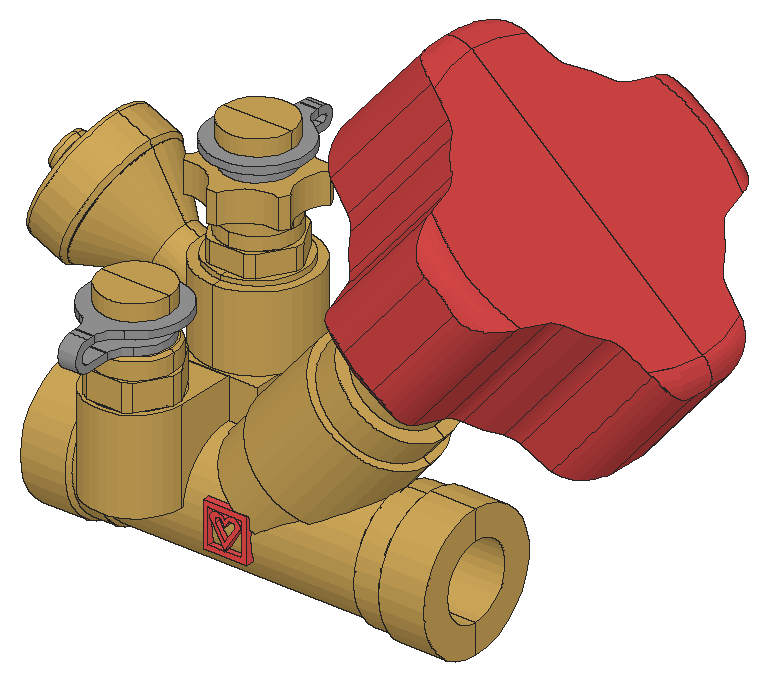
Revit family "HERZ Strömax Балансировочный клапан с измерительной диафрагмой 4017 ML", category Rohrzubehör, Revit 2021
Family settings
  Bemaßung runder Anschluss = Durchmesser verwenden
  Teiletyp = Unterbricht
  OmniClass-Nummer = 23.65.55.14
  OmniClass-Titel = Valves for Liquid Services
  Arbeitsebenenbasiert = Nein
  Immer vertikal = Ja
  Beim Laden mit Abzugskörper schneiden = Nein
  Gemeinsam genutzt = Nein
Parameters
  Среда = "Качество теплоносителя должно соответствовать требованиям ONORM H 5195, VDI 2035.\r\nДопускается использование смеси этилен- пропиленгликоля в процентном соотношении 25-50% с водой."
  Область применения = "Балансировочные клапаны применяются для гидравлической балансировки систем отопления и охлаждения, регулировки магистральных трубопроводов, стояков, теплообменников, регистров отопления и охлаждения."
  Номер заказа [instance] = size_lookup("4017_ML_", "Artnr", 0, Nennweite)  # 1401731
  Макс. рабочее давление = 2000000.0 Pa  # constant formula
  Макс. рабочая температура = 130 °C  # constant formula
  Макс. перепад давления на закрытом седле = 1000000.0 Pa  # constant formula
  Корпус = "латунь, устойчивая к селективной цинковой коррозии"  # constant formula
  Исполнение = "Балансировочный клапан ГЕРЦ 4017ML с измерительной диафрагмой и возможностью подключения импульсной трубки и двумя измерительными клапанами для измерений перепадов давления наклонный неподнимающийся шпиндель, муфта х муфта, без покрытия, фиксированная воспроизводимая предварительная настройка, показания преднастройки считываются в окошке маховика, с обеих сторон резьбовые муфты, уплотнение шпинделя при помощи тройных уплотнительных колец O-Ring."
  kvs-значения [instance] = if(Nennweite = 15.000 mm, 2, if(Nennweite = 20.000 mm, 3.6, if(Nennweite = 25.000 mm, 6.5, if(Nennweite = 32.000 mm, 13.3, if(Nennweite = 40.000 mm, 18.5, if(Nennweite = 50.000 mm, 33, 0))))))  # 2
  kv-диафрагмы [instance] = if(Nennweite = 15.000 mm, 1.95, if(Nennweite = 20.000 mm, 3.95, if(Nennweite = 25.000 mm, 7.9, if(Nennweite = 32.000 mm, 15.75, if(Nennweite = 40.000 mm, 21.5, if(Nennweite = 50.000 mm, 46.7, 0))))))  # 1.95
  W01 = 50.00°  # constant formula
  Vorgabe-Ansicht = 0.000 mm
  URL = "www.herz-armaturen.ru"
  SW01 = 60.00°  # constant formula
  SCRNSEQ = "ARM;ARM_TYP=\"STRV\";2"
  SCRNCODE = "05;07;02"  # constant formula
  S03 = 60.000 mm  # constant formula
  S02 [instance] = L04 + L06 + L07  # 76.800 mm
  S01 [instance] = D01 * 2  # 27.000 mm
  R03 = 21.500 mm  # constant formula
  R02 = 9.500 mm  # constant formula
  R01 = 12.000 mm  # constant formula
  L10 [instance] = size_lookup("4017_ML_", "L10", 1.000 mm, Nennweite)  # 28.500 mm
  L09 [instance] = size_lookup("4017_ML_", "L9", 1.000 mm, Nennweite)  # 22.500 mm
  L08 [instance] = size_lookup("4017_ML_", "L8", 1.000 mm, Nennweite)  # 12.700 mm
  L07 [instance] = size_lookup("4017_ML_", "L7", 1.000 mm, Nennweite)  # 35.100 mm
  L06 [instance] = size_lookup("4017_ML_", "L6", 1.000 mm, Nennweite)  # 6.500 mm
  L05 [instance] = size_lookup("4017_ML_", "L5", 1.000 mm, Nennweite)  # 20.200 mm
  L04 [instance] = size_lookup("4017_ML_", "L4", 1.000 mm, Nennweite)  # 35.200 mm
  L03 [instance] = size_lookup("4017_ML_", "L3", 1.000 mm, Nennweite)  # 1.000 mm
  H03 [instance] = H01 - 19.000 mm  # 1.000 mm
  H02 = 13.000 mm  # constant formula
  E01 [instance] = L00 / -2  # -41.500 mm
  E00 = 0.000 mm  # constant formula
  D09 [instance] = size_lookup("4017_ML_", "D9", 1.000 mm, Nennweite)  # 11.750 mm
  D08 [instance] = size_lookup("4017_ML_", "D8", 1.000 mm, Nennweite)  # 9.500 mm
  D07 [instance] = size_lookup("4017_ML_", "D7", 1.000 mm, Nennweite)  # 12.000 mm
  D06 [instance] = size_lookup("4017_ML_", "D6", 1.000 mm, Nennweite)  # 13.500 mm
  D05 [instance] = size_lookup("4017_ML_", "D5", 1.000 mm, Nennweite)  # 12.500 mm
  D04 [instance] = Nennweite / 2  # 7.500 mm
  IG [instance] = Nennweite / 2  # 7.500 mm
  D03 [instance] = size_lookup("4017_ML_", "D3", 1.000 mm, Nennweite)  # 11.900 mm
  D02 [instance] = size_lookup("4017_ML_", "D2", 1.000 mm, Nennweite)  # 12.700 mm
  D01 [instance] = size_lookup("4017_ML_", "D1", 1.000 mm, Nennweite)  # 13.500 mm
  Nennweite [instance] = 15.000 mm
  L02 [instance] = size_lookup("4017_ML_", "L2", 1.000 mm, Nennweite)  # 5.000 mm
  L01 [instance] = size_lookup("4017_ML_", "L1", 1.000 mm, Nennweite)  # 9.250 mm
  L00 [instance] = size_lookup("4017_ML_", "L", 1.000 mm, Nennweite)  # 83.000 mm
  Hersteller = "HERZ Armaturen Ges.m.b.H."  # constant formula
  H01 [instance] = size_lookup("4017_ML_", "H1", 1.000 mm, Nennweite)  # 20.000 mm
  GT [instance] = size_lookup("4017_ML_", "GT", 1.000 mm, Nennweite)  # 13.200 mm
  DN50 [instance] = Nennweite = 50.000 mm  # no
  DN40 [instance] = Nennweite = 40.000 mm  # no
  DN32 [instance] = Nennweite = 32.000 mm  # no
  DN25 [instance] = Nennweite = 25.000 mm  # no
  DN20 [instance] = Nennweite = 20.000 mm  # no
  DN15 [instance] = Nennweite = 15.000 mm  # yes
Reference planes
  plane 1 "Mitte (Vorne/hinten)": y = 0
  plane 2: z = 0
  plane 3 "Mitte (Links/rechts)": x = 0
Forms (mm)
  Revolve 1, solid, material "Messing, weicher Gelbton, geschweißt", detail levels fine
    sketch origin (470, 0, 0) x (1, 0, 0) y (0, 0, 1)
      loop
        line (-511.5, 7.5) -> (-498.3, 7.5) -> (-498.3, 0) -> (-441.7, 0) -> (-441.7, 7.5) -> (-428.5, 7.5) -> (-428.5, 13.5) -> (-437.75, 13.5) -> (-438.421, 12.7) -> (-443.421, 12.7) -> (-444.093, 11.9) -> (-495.907, 11.9) -> (-496.579, 12.7) -> (-501.579, 12.7) -> (-502.25, 13.5) -> (-511.5, 13.5) -> (-511.5, 7.5)
      axis (-511.5, 0) -> (-428.5, 0)
    angle from 0 to 360
  Revolve 2, solid, material "Messing, weicher Gelbton, geschweißt", detail levels fine
    sketch origin (0.32, 0, -0.105) x (1, 0, 0) y (0, 0, 1)
      loop
        line (-1.32, 0.105) -> (48.046, 58.937) -> (39.045, 66.49) -> (30.882, 56.761) -> (32.605, 55.315) -> (18.207, 38.155) -> (16.292, 39.762) -> (12.114, 34.783) -> (10.964, 35.747) -> (-2.02, 20.273) -> (-1.254, 19.63) -> (-7.652, 12.005) -> (-7.065, 4.926) -> (-1.32, 0.105)
      axis (-1.32, 0.105) -> (48.046, 58.937)
    angle from 0 to 360
  Extrusion 3, solid, material "Messing, weicher Gelbton, geschweißt", detail levels fine
    sketch origin (0, 0, 0) x (1, 0, 0) y (0, 1, 0)
      loop
        arc (-28.5, -12) -> (-19, -21.5) -> (-9.5, -12) r 9.5
        line (-9.5, -12) -> (-9.5, 0) -> (-28.5, 0) -> (-28.5, -12)
    from 1 <- "H03" to 20 <- "H01"
  Extrusion 4, solid, material "Messing, weicher Gelbton, geschweißt", detail levels fine
    sketch origin (0, 0, 0) x (1, 0, 0) y (0, 1, 0)
      loop
        line (-22.5, 12) -> (-22.5, 0) -> (-3.5, 0) -> (-3.5, 12)
        arc (-3.5, 12) -> (-13, 21.5) -> (-22.5, 12) r 9.5
    from 0 to 20 <- "H01"
  Extrusion 5, void
    sketch origin (0, 0, 0) x (1, 0, 0) y (0, 0, 1)
      loop
        line (55, 0) -> (80, 0) -> (80, 73) -> (55, 73) -> (55, 0)
    from 55 to -55
Cuts and joins
  Extrusion 5 cuts Revolve 2
Lines and regions (mm)
  model lines, detail levels coarse+medium
    curve 1: line (-41.5, 0, 13.5) -> (-41.5, 0, -13.5)
    curve 2: line (-41.5, 0, -13.5) -> (41.5, 0, 13.5)
    curve 3: line (41.5, 0, 13.5) -> (41.5, 0, -13.5)
    curve 4: line (41.5, 0, -13.5) -> (-41.5, 0, 13.5)
    curve 5: line (0, 0, 0) -> (38.4, 0, 66.511)
    curve 6: line (12.419, 0, 81.511) -> (64.381, 0, 51.511)
    curve 7: line (-41.5, -13.5, 0) -> (-41.5, 13.5, 0)
    curve 8: line (-41.5, 13.5, 0) -> (41.5, -13.5, 0)
    curve 9: line (41.5, -13.5, 0) -> (41.5, 13.5, 0)
    curve 10: line (41.5, 13.5, 0) -> (-41.5, -13.5, 0)
    curve 11: line (0, 0, 0) -> (38.4, 66.511, 0)
    curve 12: line (12.419, 81.511, 0) -> (64.381, 51.511, 0)
Dimensions and locks
  "L00": Revolve 1 sketch curve to Revolve 1 sketch curve
  equal spacing: Revolve 1 sketch curve, plane 3 "Mitte (Links/rechts)", Revolve 1 sketch curve
  "D01": Revolve 1 sketch curve to Revolve 1 sketch curve  (x2)
  "GT": Revolve 1 sketch curve to Revolve 1 sketch curve  (x2)
  "D06": Revolve 2 sketch curve to Revolve 2 sketch curve
  "D07": Revolve 2 sketch curve to Revolve 2 sketch curve
  "D08": Revolve 2 sketch curve to Revolve 2 sketch curve
  "D09": Revolve 2 sketch curve to Revolve 2 sketch curve
  equal spacing: curve 1, plane 3 "Mitte (Links/rechts)", curve 3
  "L00": curve 1 to curve 3
  equal spacing: curve 4, plane 2, curve 2
  "S01": curve 4 to curve 1
  "S01": curve 3 to curve 4
  equal spacing: curve 3, plane 2, curve 4
  "S02": curve 5 to curve 5
  equal spacing: curve 6, curve 5, curve 6
  "S03": curve 6 to curve 6
  equal spacing: curve 7, plane 3 "Mitte (Links/rechts)", curve 9
  "L00": curve 7 to curve 9
  equal spacing: curve 10, plane 1 "Mitte (Vorne/hinten)", curve 8
  "S01": curve 8 to curve 10
  equal spacing: curve 9, plane 1 "Mitte (Vorne/hinten)", curve 10
  "S01": curve 10 to curve 9
  "S02": curve 11 to curve 11
  equal spacing: curve 12, curve 11, curve 12
  "S03": curve 12 to curve 12
  "L01": Revolve 1 sketch curve to Revolve 1 sketch curve  (x2)
  "D02": Revolve 1 sketch curve to plane 2  (x2)
  "D03": Revolve 1 sketch curve to plane 2
  "IG": Revolve 1 sketch curve to plane 2  (x2)
  "L02": Revolve 1 sketch curve to Revolve 1 sketch curve  (x2)
  "L04": Revolve 2 sketch curve to Revolve 2 sketch curve
  "L05": Revolve 2 sketch curve to Revolve 2 sketch curve
  "D03": Revolve 2 sketch curve to plane 2
  "L06": Revolve 2 sketch curve to Revolve 2 sketch curve
  "L08": Revolve 2 sketch curve to Revolve 2 sketch curve
  "L07": Revolve 2 sketch curve to Revolve 2 sketch curve
  "D04": Revolve 2 sketch curve to Revolve 2 sketch curve
  "D05": Revolve 2 sketch curve to Revolve 2 sketch curve
  "L03": plane 3 "Mitte (Links/rechts)" to Revolve 2 sketch curve  (x2)
  "D03": nested 1 to plane 1 "Mitte (Vorne/hinten)"
  "L09": Revolve 1 to Extrusion 3 sketch curve
  "R01": Extrusion 3 sketch curve to plane 1 "Mitte (Vorne/hinten)"
  "R01": plane 1 "Mitte (Vorne/hinten)" to Extrusion 4 sketch curve
  "L10": Revolve 1 to Extrusion 4 sketch curve
  "H01": nested 2 to plane 2
  "R01": nested 2 to plane 1 "Mitte (Vorne/hinten)"
  "L09": Revolve 1 to nested 2
  Extrusion 5 sketch curve to plane 3 "Mitte (Links/rechts)" = 55.000 mm
  Extrusion 5 sketch curve to Extrusion 5 sketch curve = 25.000 mm
  Extrusion 5 sketch curve to plane 2 = 73.000 mm
  "L10": Revolve 1 to nested 9
  "R01": plane 1 "Mitte (Vorne/hinten)" to nested 9
  "H01": nested 9 to plane 2
  "R02": radius of Extrusion 3 sketch curve
  "R02": radius of Extrusion 4 sketch curve
  "W01": angle level to Revolve 2 sketch curve
  "SW01": angle plane 2 to curve 5
  "SW01": angle plane 1 "Mitte (Vorne/hinten)" to curve 11
  "W01": angle Revolve 1 sketch curve to Revolve 1 sketch curve  (x4)
  "W01": angle plane 2 to Revolve 2 sketch curve
  aligned and locked: level to plane 2
Automatic sketch dimensions
  Extrusion 5 sketch curve to level = 0.000 mm
  curve 5 to level = 0.000 mm
  plane 1 "Mitte (Vorne/hinten)" to curve 11 = 0.000 mm
  Revolve 1 sketch curve to level = 0.000 mm  (x2)
  Revolve 1 sketch curve to Revolve 1 sketch curve = 791.990 mm
  Revolve 1 sketch curve to Revolve 1 sketch curve = 2278.983 mm
  Revolve 2 sketch curve to level = 0.000 mm  (x2)
  plane 1 "Mitte (Vorne/hinten)" to Extrusion 3 sketch curve = 0.000 mm
  plane 1 "Mitte (Vorne/hinten)" to Extrusion 4 sketch curve = 0.000 mm
Nested families
  nested 1: "Herz-Logo-vorne" at (0, -11.9, 0) x (0, 1, 0) z (0, 0, 1), type "Herz-Logo-vorne", detail levels fine
  nested 2: "Messstutzen_Band_Eintritt_senkrecht_(oben)" at (-19, -12, 2.5) x (-1, 0, 0) z (0, 0, 1), type "Messstutzen_Band_Eintritt_senkrecht_(oben)", detail levels fine
    with Schutzkappe yes, Nennweite 0.000 mm, Gewicht 0.00 kg, Bestellnummer 0
  nested 3: "Strangregulierventil-Handrad (Rot) DN15-DN32" at (48.366, 0, 58.832), visible <- "DN15", type "Strangregulierventil-Handrad (Rot) DN15-DN32"
    with Nennweite 0.000 mm, Gewicht 0.00 kg, Bestellnummer 0
  nested 4: "Strangregulierventil-Handrad (Rot) DN15-DN32" at (50.13, 0, 62.126), visible <- "DN20", type "Strangregulierventil-Handrad (Rot) DN15-DN32"
    with Nennweite 0.000 mm, Gewicht 0.00 kg, Bestellnummer 0
  nested 5: "Strangregulierventil-Handrad (Rot) DN15-DN32" at (55.886, 0, 73.157), visible <- "DN25", type "Strangregulierventil-Handrad (Rot) DN15-DN32"
    with Nennweite 0.000 mm, Gewicht 0.00 kg, Bestellnummer 0
  nested 6: "Strangregulierventil-Handrad (Rot) DN15-DN32" at (60.493, 0, 82.58), visible <- "DN32", type "Strangregulierventil-Handrad (Rot) DN15-DN32"
    with Nennweite 0.000 mm, Gewicht 0.00 kg, Bestellnummer 0
  nested 7: "Strangregulierventil-Handrad (Rot) DN40-DN50" at (68.72, 0, 95.602), visible <- "DN40", type "Strangregulierventil-Handrad (Rot) DN40-DN50"
    with Nennweite 0.000 mm, Gewicht 0.00 kg, Bestellnummer 0
  nested 8: "Strangregulierventil-Handrad (Rot) DN40-DN50" at (66.762, 0, 99.586), visible <- "DN50", type "Strangregulierventil-Handrad (Rot) DN40-DN50"
    with Nennweite 0.000 mm, Gewicht 0.00 kg, Bestellnummer 0
  nested 9: "Messstutzen_Band-KFE_Austritt_senkrecht_(oben)" at (-13, 12, 24.41), type "Messstutzen_Band-KFE_Austritt_senkrecht_(oben)", detail levels fine
    with Schutzkappe yes, Nennweite 0.000 mm, Gewicht 0.00 kg, Bestellnummer 0
Connectors
  piping at (-28.3, 0, 0), diameter 15, driven by "Nennweite"
    settings: on Revolve 1, index 1, connector inside diameter 609.6 mm, connector length 0.000 mm, flow factor 0, pipe flow 0.0 L/s, pressure drop 0.0 Pa, fitting loss kfactor 0, connector angle 0.00°, fixture units 0, engagement length 0.000 mm, angle of deflection 0.00°, flow configuration 0, flow direction 1, fitting loss method 0, system type 29, joint type 0, gender type 0, connector reference index -1, connector utility 0, adjustable connector no, is connector primary yes, connector description ""
  piping at (28.3, 0, 0), diameter 15, driven by "Nennweite"
    settings: on Revolve 1, index 2, connector inside diameter 609.6 mm, connector length 0.000 mm, flow factor 0, pipe flow 0.0 L/s, pressure drop 0.0 Pa, fitting loss kfactor 0, connector angle 0.00°, fixture units 0, engagement length 0.000 mm, angle of deflection 0.00°, flow configuration 0, flow direction 2, fitting loss method 0, system type 29, joint type 0, gender type 0, connector reference index -1, connector utility 0, adjustable connector no, is connector primary no, connector description ""
Definition of nested family "Herz-Logo-vorne"
  Parameters (values of type "Herz-Logo-vorne")
    Default Elevation = 0.000 mm
  Reference planes
    plane 1 "Mitte (Vorne/hinten)": y = 0
    plane 2: z = 0
    plane 3 "Mitte (Links/rechts)": x = 0
  Forms (mm)
    Extrusion 1, solid
      sketch origin (0.732, -0.018, 0.017) x (0, -1, 0) y (0, 0, 1)
        loop
          line (-0.018, -4.517) -> (4.482, -4.517) -> (4.482, 4.483) -> (-4.518, 4.483) -> (-4.518, -4.517) -> (-0.018, -4.517)
        loop
          line (-0.05, -3.48) -> (3.482, -3.48) -> (3.482, 3.483) -> (-3.518, 3.483) -> (-3.518, -3.48) -> (-0.05, -3.48)
        loop
          arc (-0.018, 2.383) -> (-1.543, 3.287) -> (-3.067, 2.383) r 1.738
          arc (-3.067, 2.383) -> (-3.191, 1.899) -> (-3.067, 1.415) r 1.009
          line (-3.067, 1.415) -> (-0.018, -3.281) -> (3.032, 1.415)
          arc (3.032, 1.415) -> (3.156, 1.899) -> (3.032, 2.383) r 1.009
          arc (3.032, 2.383) -> (1.507, 3.287) -> (-0.018, 2.383) r 1.738
        loop
          arc (1.885, 1.272) -> (2.005, 1.675) -> (1.885, 2.079) r 0.74
          arc (1.885, 2.079) -> (1.265, 2.416) -> (0.644, 2.079) r 0.74
          line (0.644, 2.079) -> (-0.018, 0.97) -> (-0.679, 2.079)
          arc (-0.679, 2.079) -> (-1.3, 2.416) -> (-1.921, 2.079) r 0.74
          arc (-1.921, 2.079) -> (-2.04, 1.675) -> (-1.921, 1.272) r 0.74
          line (-1.921, 1.272) -> (-0.018, -1.658) -> (1.885, 1.272)
      from 0 to 1.5
  Dimensions and locks
    aligned and locked: level to plane 2
Definition of nested family "Messstutzen_Band_Eintritt_senkrecht_(oben)"
  Parameters (values of type "Messstutzen_Band_Eintritt_senkrecht_(oben)")
    Default Elevation = 0.000 mm
    URL = "www.herz-armaturen.at"
    Schutzkappe [instance] = yes
    Nennweite [instance] = 0.000 mm
    Manufacturer = "Herz Armaturen GmbH"  # constant formula
    Gewicht [instance] = 0.00 kg
    Bestellnummer [instance] = 0
  Reference planes
    plane 1 "Mitte (Vorne/hinten)": y = 0
    plane 2: z = 0
    plane 3 "Mitte (Links/rechts)": x = 0
    plane 4 "Schlaufe 1": z = -27
    plane 5 "Schlaufe 2": z = -31.678
  Forms (mm)
    Revolve 1, solid, detail levels fine
      sketch origin (0, 0, 0) x (1, 0, 0) y (0, 0, 1)
        loop
          line (-7.4, 9) -> (-5.55, 9) -> (-5.55, 6)
          arc (-5.55, 6) -> (-5.626, 5.617) -> (-5.843, 5.293) r 1
          line (-5.843, 5.293) -> (-6.455, 4.681) -> (-6.455, 0.9) -> (-5.555, 0) -> (-2, 0) -> (-2, 17.5) -> (-8.4, 17.5)
          arc (-8.4, 17.5) -> (-7.693, 17.207) -> (-7.4, 16.5) r 1
          line (-7.4, 16.5) -> (-7.4, 9)
        loop
          line (-3.7, 27) -> (-7.3, 27) -> (-7.9, 26.4) -> (-7.9, 23) -> (-2, 23) -> (-2, 35.8) -> (-3.805, 35.8) -> (-4.415, 35.19) -> (-4.415, 30.863) -> (-3.7, 30.45) -> (-3.7, 27)
        axis (0, 0) -> (0, 35.8)
      angle from 0 to 360
    Extrusion 2, solid, detail levels fine
      sketch origin (0, 0, 17.5) x (0, 1, 0) y (-1, 0, 0)
        loop
          arc (-7.07, 5.156) -> (-7.578, 4.375) -> (-8, 3.544) r 8.75
          line (-8, 3.544) -> (-8, -3.544)
          arc (-8, -3.544) -> (-7.578, -4.375) -> (-7.07, -5.156) r 8.75
          line (-7.07, -5.156) -> (-0.93, -8.7)
          arc (-0.93, -8.7) -> (0, -8.75) -> (0.93, -8.7) r 8.75
          line (0.93, -8.7) -> (7.07, -5.156)
          arc (7.07, -5.156) -> (7.578, -4.375) -> (8, -3.544) r 8.75
          line (8, -3.544) -> (8, 3.544)
          arc (8, 3.544) -> (7.578, 4.375) -> (7.07, 5.156) r 8.75
          line (7.07, 5.156) -> (0.93, 8.7)
          arc (0.93, 8.7) -> (0, 8.75) -> (-0.93, 8.7) r 8.75
          line (-0.93, 8.7) -> (-7.07, 5.156)
      from 0 to 5.5
    Revolve 3, solid, visible <- "Schutzkappe", detail levels fine
      sketch origin (0, 0, 0) x (1, 0, 0) y (0, 0, 1)
        loop
          line (0, 35.878) -> (0, 36.678) -> (-7, 36.678) -> (-7, 33.378) -> (-6.1, 33.378) -> (-6.1, 31.678) -> (-6.9, 31.678) -> (-6.9, 30.178) -> (-4.415, 30.178) -> (-4.415, 35.268) -> (-3.805, 35.878) -> (0, 35.878)
        axis (0, 30.178) -> (0, 36.678)
      angle from 0 to 360
    Extrusion 4, solid, detail levels fine
      sketch origin (0, 0, 28.5) x (1, 0, 0) y (0, 1, 0)
        loop
          circle (0, 0) r 3.7
        loop
          arc (-3.906, 5.505) -> (0, -6.75) -> (3.906, 5.505) r 6.75
          arc (3.906, 5.505) -> (2.358, 7.288) -> (1.8, 9.582) r 5
          line (1.8, 9.582) -> (-1.8, 9.582)
          arc (-1.8, 9.582) -> (-2.358, 7.288) -> (-3.906, 5.505) r 5
      from 0 to -1.5
    Extrusion 5, solid, detail levels fine
      sketch origin (0, 0, 33.178) x (1, 0, 0) y (0, 1, 0)
        loop
          circle (0, 0) r 6.1
        loop
          arc (-4.495, 8.652) -> (0, -9.75) -> (4.495, 8.652) r 9.75
          arc (4.495, 8.652) -> (2.527, 10.493) -> (1.8, 13.089) r 5
          line (1.8, 13.089) -> (-1.8, 13.089)
          arc (-1.8, 13.089) -> (-2.527, 10.493) -> (-4.495, 8.652) r 5
      from 0 to -1.5
    Sweep 6, solid, detail levels fine
      path origin (0, 0, 0) x (0, 0, -1) y (0, -1, 0)
        loop
          line (-27.75, -9.582) -> (-27.75, -14.522)
          arc (-27.75, -14.522) -> (-30.089, -16.862) -> (-32.428, -14.522) r 2.339
          line (-32.428, -14.522) -> (-32.428, -13.089)
      profile origin (0, 12.052, 27.75) x (0, 0, 1) y (1, 0, 0)
        loop
          line (-0.75, -1.8) -> (0.75, -1.8) -> (0.75, 1.8) -> (-0.75, 1.8) -> (-0.75, -1.8)
  Dimensions and locks
    aligned and locked: level to plane 2
Definition of nested family "Strangregulierventil-Handrad (Rot) DN15-DN32"
  Parameters (values of type "Strangregulierventil-Handrad (Rot) DN15-DN32")
    Default Elevation = 0.000 mm
    URL = "www.herz-armaturen.at"
    Nennweite [instance] = 0.000 mm
    Manufacturer = "Herz Armaturen GmbH"  # constant formula
    Gewicht [instance] = 0.00 kg
    Bestellnummer [instance] = 0
  Reference planes
    plane 1 "Mitte (Vorne/hinten)": y = 0
    plane 2: z = 0
    plane 3 "Mitte (Links/rechts)": x = 0
  Forms (mm)
    Revolve 1, solid, detail levels fine
      sketch origin (0, 0, 0) x (0.766044, 0, -0.642788) y (0.642788, 0, 0.766044)
        loop
          line (0, 0) -> (0, 24.95) -> (-30.992, 24.95)
          arc (-30.992, 24.95) -> (-34.37, 23.636) -> (-35.973, 20.386) r 5
          line (-35.973, 20.386) -> (-37, 8.65) -> (-35.986, -2.936)
          arc (-35.986, -2.936) -> (-34.383, -6.186) -> (-31.005, -7.5) r 5
          line (-31.005, -7.5) -> (-15, -7.5) -> (-15, 0) -> (0, 0)
        axis (0, 24.95) -> (0, -7.5)
      angle from 0 to 360
    Extrusion 2, void
      sketch origin (13.049, 0, 15.551) x (0.766044, 0, -0.642788) y (0, 1, 0)
        loop
          line (3.861, 35.5) -> (-3.861, 35.5)
          arc (-3.861, 35.5) -> (-8.731, 33.847) -> (-11.589, 29.571) r 8
          line (-11.589, 29.571) -> (-13.284, 23.245)
          arc (-13.284, 23.245) -> (-13.982, 21.722) -> (-15.144, 20.516) r 5
          arc (-15.144, 20.516) -> (-18.031, 18.031) -> (-20.516, 15.144) r 25.5
          arc (-20.516, 15.144) -> (-21.722, 13.982) -> (-23.245, 13.284) r 5
          line (-23.245, 13.284) -> (-29.571, 11.589)
          arc (-29.571, 11.589) -> (-33.847, 8.731) -> (-35.5, 3.861) r 8
          line (-35.5, 3.861) -> (-35.5, -3.861)
          arc (-35.5, -3.861) -> (-33.847, -8.731) -> (-29.571, -11.589) r 8
          line (-29.571, -11.589) -> (-23.245, -13.284)
          arc (-23.245, -13.284) -> (-21.722, -13.982) -> (-20.516, -15.144) r 5
          arc (-20.516, -15.144) -> (-18.031, -18.031) -> (-15.144, -20.516) r 25.5
          arc (-15.144, -20.516) -> (-13.982, -21.722) -> (-13.284, -23.245) r 5
          line (-13.284, -23.245) -> (-11.589, -29.571)
          arc (-11.589, -29.571) -> (-8.731, -33.847) -> (-3.861, -35.5) r 8
          line (-3.861, -35.5) -> (3.861, -35.5)
          arc (3.861, -35.5) -> (8.731, -33.847) -> (11.589, -29.571) r 8
          line (11.589, -29.571) -> (13.284, -23.245)
          arc (13.284, -23.245) -> (13.982, -21.722) -> (15.144, -20.516) r 5
          arc (15.144, -20.516) -> (18.031, -18.031) -> (20.516, -15.144) r 25.5
          arc (20.516, -15.144) -> (21.722, -13.982) -> (23.245, -13.284) r 5
          line (23.245, -13.284) -> (29.571, -11.589)
          arc (29.571, -11.589) -> (33.847, -8.731) -> (35.5, -3.861) r 8
          line (35.5, -3.861) -> (35.5, 3.861)
          arc (35.5, 3.861) -> (33.847, 8.731) -> (29.571, 11.589) r 8
          line (29.571, 11.589) -> (23.245, 13.284)
          arc (23.245, 13.284) -> (21.722, 13.982) -> (20.516, 15.144) r 5
          arc (20.516, 15.144) -> (18.031, 18.031) -> (15.144, 20.516) r 25.5
          arc (15.144, 20.516) -> (13.982, 21.722) -> (13.284, 23.245) r 5
          line (13.284, 23.245) -> (11.589, 29.571)
          arc (11.589, 29.571) -> (8.731, 33.847) -> (3.861, 35.5) r 8
        loop
          circle (0, 0) r 38
      from -31.266 to 7.923
  Cuts and joins
    Extrusion 2 cuts Revolve 1
  Dimensions and locks
    Revolve 1 sketch curve to Revolve 1 sketch curve = 15.000 mm
    Revolve 1 sketch curve to Revolve 1 sketch curve = 16.150 mm
    Revolve 1 sketch curve to Revolve 1 sketch curve = 16.300 mm
    angle Revolve 1 sketch curve to Revolve 1 sketch curve = 95.00°
    aligned and locked: level to plane 2
Definition of nested family "Strangregulierventil-Handrad (Rot) DN40-DN50"
  Parameters (values of type "Strangregulierventil-Handrad (Rot) DN40-DN50")
    Default Elevation = 0.000 mm
    URL = "www.herz-armaturen.at"
    Nennweite [instance] = 0.000 mm
    Manufacturer = "Herz Armaturen GmbH"  # constant formula
    Gewicht [instance] = 0.00 kg
    Bestellnummer [instance] = 0
  Reference planes
    plane 1 "Mitte (Vorne/hinten)": y = 0
    plane 2: z = 0
    plane 3 "Mitte (Links/rechts)": x = 0
  Forms (mm)
    Revolve 1, solid, detail levels fine
      sketch origin (0, 0, 0) x (0.766044, 0, -0.642788) y (0.642788, 0, 0.766044)
        loop
          line (0, 0) -> (0, 24.95) -> (-50.992, 24.95)
          arc (-50.992, 24.95) -> (-54.37, 23.636) -> (-55.973, 20.386) r 5
          line (-55.973, 20.386) -> (-57, 8.65) -> (-55.986, -2.936)
          arc (-55.986, -2.936) -> (-54.383, -6.186) -> (-51.005, -7.5) r 5
          line (-51.005, -7.5) -> (-15, -7.5) -> (-15, 0) -> (0, 0)
        axis (0, 24.95) -> (0, -7.5)
      angle from 0 to 360
    Extrusion 2, void
      sketch origin (13.049, 0, 15.551) x (0.766044, 0, -0.642788) y (0, 1, 0)
        loop
          line (-55, 6.292) -> (-55, -6.292)
          arc (-55, -6.292) -> (-52.52, -13.597) -> (-46.106, -17.883) r 12
          line (-46.106, -17.883) -> (-35.399, -20.752)
          arc (-35.399, -20.752) -> (-33.541, -21.612) -> (-32.08, -23.047) r 6
          arc (-32.08, -23.047) -> (-27.931, -27.931) -> (-23.047, -32.08) r 39.5
          arc (-23.047, -32.08) -> (-21.612, -33.541) -> (-20.752, -35.399) r 6
          line (-20.752, -35.399) -> (-17.883, -46.106)
          arc (-17.883, -46.106) -> (-13.597, -52.52) -> (-6.292, -55) r 12
          line (-6.292, -55) -> (6.292, -55)
          arc (6.292, -55) -> (13.597, -52.52) -> (17.883, -46.106) r 12
          line (17.883, -46.106) -> (20.752, -35.399)
          arc (20.752, -35.399) -> (21.612, -33.541) -> (23.047, -32.08) r 6
          arc (23.047, -32.08) -> (27.931, -27.931) -> (32.08, -23.047) r 39.5
          arc (32.08, -23.047) -> (33.541, -21.612) -> (35.399, -20.752) r 6
          line (35.399, -20.752) -> (46.106, -17.883)
          arc (46.106, -17.883) -> (52.52, -13.597) -> (55, -6.292) r 12
          line (55, -6.292) -> (55, 6.292)
          arc (55, 6.292) -> (52.52, 13.597) -> (46.106, 17.883) r 12
          line (46.106, 17.883) -> (35.399, 20.752)
          arc (35.399, 20.752) -> (33.541, 21.612) -> (32.08, 23.047) r 6
          arc (32.08, 23.047) -> (27.931, 27.931) -> (23.047, 32.08) r 39.5
          arc (23.047, 32.08) -> (21.612, 33.541) -> (20.752, 35.399) r 6
          line (20.752, 35.399) -> (17.883, 46.106)
          arc (17.883, 46.106) -> (13.597, 52.52) -> (6.292, 55) r 12
          line (6.292, 55) -> (-6.292, 55)
          arc (-6.292, 55) -> (-13.597, 52.52) -> (-17.883, 46.106) r 12
          line (-17.883, 46.106) -> (-20.752, 35.399)
          arc (-20.752, 35.399) -> (-21.612, 33.541) -> (-23.047, 32.08) r 6
          arc (-23.047, 32.08) -> (-27.931, 27.931) -> (-32.08, 23.047) r 39.5
          arc (-32.08, 23.047) -> (-33.541, 21.612) -> (-35.399, 20.752) r 6
          line (-35.399, 20.752) -> (-46.106, 17.883)
          arc (-46.106, 17.883) -> (-52.52, 13.597) -> (-55, 6.292) r 12
        loop
          circle (0, 0) r 60
      from -31.161 to 7.489
  Cuts and joins
    Extrusion 2 cuts Revolve 1
  Dimensions and locks
    Revolve 1 sketch curve to Revolve 1 sketch curve = 15.000 mm
    Revolve 1 sketch curve to Revolve 1 sketch curve = 16.150 mm
    Revolve 1 sketch curve to Revolve 1 sketch curve = 16.300 mm
    Revolve 1 sketch curve to Revolve 1 sketch curve = 57.000 mm
    angle Revolve 1 sketch curve to Revolve 1 sketch curve = 95.00°
    aligned and locked: level to plane 2
Definition of nested family "Messstutzen_Band-KFE_Austritt_senkrecht_(oben)"
  Parameters (values of type "Messstutzen_Band-KFE_Austritt_senkrecht_(oben)")
    Default Elevation = 0.000 mm
    URL = "www.herz-armaturen.at"
    Schutzkappe [instance] = yes
    Nennweite [instance] = 0.000 mm
    Manufacturer = "Herz Armaturen GmbH"  # constant formula
    Gewicht [instance] = 0.00 kg
    Bestellnummer [instance] = 0
  Reference planes
    plane 1 "Mitte (Vorne/hinten)": y = 0
    plane 2: z = 0
    plane 3 "Mitte (Links/rechts)": x = 0
  Forms (mm)
    Revolve 1, solid, detail levels fine
      sketch origin (0, 0, 0) x (1, 0, 0) y (0, 0, 1)
        loop
          line (-7.4, 9) -> (-5.55, 9) -> (-5.55, 6)
          arc (-5.55, 6) -> (-5.626, 5.617) -> (-5.843, 5.293) r 1
          line (-5.843, 5.293) -> (-6.455, 4.681) -> (-6.455, 0.9) -> (-5.555, 0) -> (-2, 0) -> (-2, 23) -> (-2, 35.8) -> (-3.805, 35.8) -> (-4.415, 35.19) -> (-4.415, 30.863) -> (-3.7, 30.45) -> (-3.7, 27) -> (-7.4, 27) -> (-7.4, 9)
        axis (0, 0) -> (0, 35.8)
      angle from 0 to 360
    Extrusion 2, solid, detail levels fine
      sketch origin (0, 0, 17.5) x (0, 1, 0) y (-1, 0, 0)
        loop
          arc (-7.07, 5.156) -> (-7.578, 4.375) -> (-8, 3.544) r 8.75
          line (-8, 3.544) -> (-8, -3.544)
          arc (-8, -3.544) -> (-7.578, -4.375) -> (-7.07, -5.156) r 8.75
          line (-7.07, -5.156) -> (-0.93, -8.7)
          arc (-0.93, -8.7) -> (0, -8.75) -> (0.93, -8.7) r 8.75
          line (0.93, -8.7) -> (7.07, -5.156)
          arc (7.07, -5.156) -> (7.578, -4.375) -> (8, -3.544) r 8.75
          line (8, -3.544) -> (8, 3.544)
          arc (8, 3.544) -> (7.578, 4.375) -> (7.07, 5.156) r 8.75
          line (7.07, 5.156) -> (0.93, 8.7)
          arc (0.93, 8.7) -> (0, 8.75) -> (-0.93, 8.7) r 8.75
          line (-0.93, 8.7) -> (-7.07, 5.156)
      from -5.51 to -1.21
    Revolve 3, solid, visible <- "Schutzkappe", detail levels fine
      sketch origin (0, 0, 0) x (1, 0, 0) y (0, 0, 1)
        loop
          line (0, 35.878) -> (0, 36.678) -> (-7, 36.678) -> (-7, 33.378) -> (-6.1, 33.378) -> (-6.1, 31.678) -> (-6.9, 31.678) -> (-6.9, 30.178) -> (-4.415, 30.178) -> (-4.415, 35.268) -> (-3.805, 35.878) -> (0, 35.878)
        axis (0, 30.178) -> (0, 36.678)
      angle from 0 to 360
    Extrusion 4, solid, detail levels fine
      sketch origin (0, 0, 30) x (1, 0, 0) y (0, 1, 0)
        loop
          circle (0, 0) r 3.7
        loop
          arc (-3.906, 5.505) -> (0, -6.75) -> (3.906, 5.505) r 6.75
          arc (3.906, 5.505) -> (2.358, 7.288) -> (1.8, 9.582) r 5
          line (1.8, 9.582) -> (-1.8, 9.582)
          arc (-1.8, 9.582) -> (-2.358, 7.288) -> (-3.906, 5.505) r 5
      from 0 to -1.5
    Extrusion 5, solid, detail levels fine
      sketch origin (0, 0, 33.178) x (1, 0, 0) y (0, 1, 0)
        loop
          circle (0, 0) r 6.1
        loop
          arc (-4.495, 8.652) -> (0, -9.75) -> (4.495, 8.652) r 9.75
          arc (4.495, 8.652) -> (2.527, 10.493) -> (1.8, 13.089) r 5
          line (1.8, 13.089) -> (-1.8, 13.089)
          arc (-1.8, 13.089) -> (-2.527, 10.493) -> (-4.495, 8.652) r 5
      from 0 to -1.5
    Sweep 6, solid, detail levels fine
      path origin (0, 0, 0) x (0, 0, -1) y (0, -1, 0)
        loop
          line (-29.25, -9.582) -> (-29.25, -14.522)
          arc (-29.25, -14.522) -> (-30.839, -16.112) -> (-32.428, -14.522) r 1.589
          line (-32.428, -14.522) -> (-32.428, -13.089)
      profile origin (0, 12.052, 29.25) x (0, 0, 1) y (1, 0, 0)
        loop
          line (-0.75, -1.8) -> (0.75, -1.8) -> (0.75, 1.8) -> (-0.75, 1.8) -> (-0.75, -1.8)
    Extrusion 7, solid, detail levels fine
      sketch origin (-101.196, 0, 0) x (1, 0, 0) y (0, 1, 0)
        loop
          arc (112.053, 5.113) -> (111.589, 6) -> (111.053, 6.845) r 12
          arc (111.053, 6.845) -> (105.696, 7.794) -> (102.196, 11.958) r 7.971
          arc (102.196, 11.958) -> (101.196, 12) -> (100.196, 11.958) r 12
          arc (100.196, 11.958) -> (96.696, 7.794) -> (91.34, 6.845) r 7.971
          arc (91.34, 6.845) -> (90.804, 6) -> (90.34, 5.113) r 12
          arc (90.34, 5.113) -> (92.196, 0) -> (90.34, -5.113) r 7.971
          arc (90.34, -5.113) -> (90.804, -6) -> (91.34, -6.845) r 12
          arc (91.34, -6.845) -> (96.696, -7.794) -> (100.196, -11.958) r 7.971
          arc (100.196, -11.958) -> (101.196, -12) -> (102.196, -11.958) r 12
          arc (102.196, -11.958) -> (105.696, -7.794) -> (111.053, -6.845) r 7.971
          arc (111.053, -6.845) -> (111.589, -6) -> (112.053, -5.113) r 12
          arc (112.053, -5.113) -> (110.196, 0) -> (112.053, 5.113) r 7.971
      from 22.3 to 28.5
    Revolve 8, solid, detail levels fine
      sketch origin (0, 43.374, -20) x (0, 1, 0) y (0, 0, 1)
        loop
          line (-43.374, 0) -> (-37.874, 0) -> (-36.774, 1.1) -> (-36.774, 4.9) -> (-37.874, 6) -> (-37.874, 8.4) -> (-36.424, 8.4) -> (-36.424, 9.2) -> (-34.424, 9.2) -> (-34.424, 15.59) -> (-31.874, 15.59) -> (-31.874, 30.99) -> (-33.874, 30.99) -> (-33.874, 31.99) -> (-43.374, 31.99) -> (-43.374, 0)
        loop
          line (-43.374, 39) -> (-43.374, 36.29) -> (-35.874, 36.29) -> (-35.874, 39) -> (-43.374, 39)
        axis (-43.374, 39) -> (-43.374, 0)
      angle from 0 to 360
    Revolve 9, solid, detail levels fine
      sketch origin (0, 0, 0) x (-1, 0, 0) y (0, 0, 1)
        loop
          line (0, -1.01) -> (32.627, 14.204) -> (27.556, 25.08) -> (25.934, 25.67) -> (21.602, 23.65) -> (14.873, 11.994) -> (-2.324, 3.975) -> (0, -1.01)
        axis (32.627, 14.204) -> (0, -1.01)
      angle from 0 to 360
    Revolve 10, solid, detail levels fine
      sketch origin (-51.188, 0, -39.797) x (-0.422618, 0, -0.906308) y (-0.906308, 0, 0.422618)
        loop
          line (-56.786, 8) -> (-45.747, 8) -> (-45.747, 0) -> (-43.834, 0) -> (-42.786, 1.048) -> (-42.786, 8.048)
          arc (-42.786, 8.048) -> (-43.065, 8.721) -> (-43.738, 9) r 0.952
          line (-43.738, 9) -> (-52.974, 9)
          arc (-52.974, 9) -> (-53.548, 9.238) -> (-53.786, 9.812) r 0.812
          line (-53.786, 9.812) -> (-53.786, 12) -> (-52.786, 12) -> (-52.786, 13.03)
          arc (-52.786, 13.03) -> (-53.07, 13.716) -> (-53.756, 14) r 0.97
          line (-53.756, 14) -> (-56.786, 14) -> (-56.786, 8)
        axis (-56.786, 14) -> (-56.786, 0)
      angle from 0 to 360
  Dimensions and locks
    aligned and locked: level to plane 2
